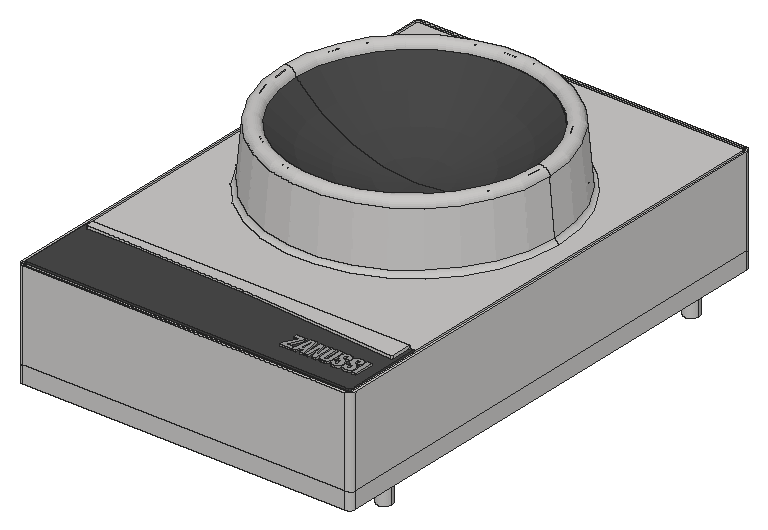
Revit family "QF_ZANUSSI_600897_Z1HCDEOMCT", category Specialty Equipment, Revit 2018
Family settings
  Round Connector Dimension = Use Diameter
  Part Type = Normal
  Work Plane-Based = No
  Always vertical = Yes
  Cut with Voids When Loaded = No
  Shared = No
  Room Calculation Point = No
Parameters (values of type "Standard")
  Watts = 0 W
  Volts = 380 V
  URL = "http://www.zanussiprofessional.com"
  Steam Supply Size = 0 mm
  Steam Supply Minimum Pressure = 0.0 Pa
  Steam Supply Maximum Pressure = 0.0 Pa
  Steam Pounds per Hour = 0
  Show Logo [instance] = yes
  Manufacturer = "Zanussi"
  Phase = 3
  Model = "Z1HCDEOMCT"
  Item Number = "600897"
  Hot Water Size = 0 mm
  HP = "6.7 HP"
  Gas Size = 0 mm
  Gas KW = 0
  Direct Waste Size = 0 mm
  Description = "PLUG-IN INDUCTION WOK - 3-PHASE"
  Cycle = 60 Hz
  Condensate Return Size = 0 mm
  Compressed Air Volume = 0.0 L/s
  Compressed Air Size = 0 mm
  Compressed Air Pressure = 0.0 Pa
  Cold Water Size = 0 mm
Types (2, lengths in mm): name | URL | Manufacturer | Phase | Model | Description
  (no name) | 0 | 0 | 0 | 0 | 0
  Standard | "http://www.zanussiprofessional.com" | "Zanussi" | 3 | "Z1HCDEOMCT" | "PLUG-IN INDUCTION WOK - 3-PHASE"
Values of the unnamed type that differ from the named types
  Volts = 0 V
  Item Number = ""
  Cycle = 0 Hz
Reference planes
  plane 1 "Centro (Fronte/Retro)": y = 74.737
  plane 2: z = 0
  plane 3: x = -514.269
  plane 4 "LEFT": x = -714.269
  plane 5 "RIGHT": x = -314.269
  plane 6 "BACK": y = 374.737
  plane 7 "FRONT": y = -225.263
  plane 8: x = -712.269
  plane 9: y = 372.737
  plane 10: x = -316.269
  plane 11: y = -223.263
  plane 12: y = -124.263
  plane 13: x = -698.269
  plane 14: x = -330.269
  plane 15: y = 304.737
  plane 16: y = -155.263
  plane 17: x = -539.269
  plane 18: y = -149.263
  plane 19 "wok": y = 120.237
  plane 20: z = 764
Forms (mm)
  Extrusion 1, solid, material "QF_Finishes_Stainless Steel"
    sketch origin (0, 0, 789.018) x (1, 0, 0) y (0, 1, 0)
      loop
        arc (-707.269, 374.737) -> (-712.218, 372.687) -> (-714.269, 367.737) r 7
        line (-714.269, 367.737) -> (-714.269, -218.263)
        arc (-714.269, -218.263) -> (-712.218, -223.213) -> (-707.269, -225.263) r 7
        line (-707.269, -225.263) -> (-321.269, -225.263)
        arc (-321.269, -225.263) -> (-316.319, -223.213) -> (-314.269, -218.263) r 7
        line (-314.269, -218.263) -> (-314.269, 367.737)
        arc (-314.269, 367.737) -> (-316.319, 372.687) -> (-321.269, 374.737) r 7
        line (-321.269, 374.737) -> (-707.269, 374.737)
    from 0 to 20
  Extrusion 2, solid, material "QF_Finishes_Stainless Steel"
    sketch origin (0, 0, 789.018) x (1, 0, 0) y (0, 1, 0)
      loop
        line (-321.269, 374.737) -> (-707.269, 374.737)
        arc (-707.269, 374.737) -> (-712.218, 372.687) -> (-714.269, 367.737) r 7
        line (-714.269, 367.737) -> (-714.269, -218.263)
        arc (-714.269, -218.263) -> (-712.218, -223.213) -> (-707.269, -225.263) r 7
        line (-707.269, -225.263) -> (-321.269, -225.263)
        arc (-321.269, -225.263) -> (-316.319, -223.213) -> (-314.269, -218.263) r 7
        line (-314.269, -218.263) -> (-314.269, 367.737)
        arc (-314.269, 367.737) -> (-316.319, 372.687) -> (-321.269, 374.737) r 7
      loop
        arc (-707.269, 372.737) -> (-710.804, 371.273) -> (-712.269, 367.737) r 5
        line (-712.269, 367.737) -> (-712.269, -218.263)
        arc (-712.269, -218.263) -> (-710.804, -221.798) -> (-707.269, -223.263) r 5
        line (-707.269, -223.263) -> (-321.269, -223.263)
        arc (-321.269, -223.263) -> (-317.733, -221.798) -> (-316.269, -218.263) r 5
        line (-316.269, -218.263) -> (-316.269, 367.737)
        arc (-316.269, 367.737) -> (-317.733, 371.273) -> (-321.269, 372.737) r 5
        line (-321.269, 372.737) -> (-707.269, 372.737)
    from 20 to 126
  Extrusion 3, solid, material "QF_Finishes_Black"
    sketch origin (0, 0, 915.018) x (-1, 0, 0) y (0, -1, 0)
      loop
        line (709.269, 124.263) -> (709.269, 218.263)
        arc (709.269, 218.263) -> (708.683, 219.677) -> (707.269, 220.263) r 2
        line (707.269, 220.263) -> (321.269, 220.263)
        arc (321.269, 220.263) -> (319.854, 219.677) -> (319.269, 218.263) r 2
        line (319.269, 218.263) -> (319.269, 124.263) -> (709.269, 124.263)
    from 0 to 2
  Extrusion 4, solid, material "QF_Finishes_Stainless Steel"
    sketch origin (0, 0, 141.018) x (-1, 0, 0) y (0, -1, 0)
      loop
        circle (698.269, -304.737) r 9
      loop
        circle (330.269, -304.737) r 9
      loop
        circle (698.269, 155.263) r 9
      loop
        circle (330.269, 155.263) r 9
    from 622.982 to 648
  Extrusion 5, solid, material "QF_Finishes_Stainless Steel"
    sketch origin (0, 0, 141.018) x (-1, 0, 0) y (0, -1, 0)
      loop
        circle (539.269, 149.263) r 10
    from 638.028 to 648
  Extrusion 6, solid, material "QF_Finishes_Stainless Steel"
    sketch origin (0, 96, 913.018) x (-1, 0, 0) y (0, -1, 0)
      loop
        arc (707.269, -273.737) -> (708.683, -273.151) -> (709.269, -271.737) r 2
        line (709.269, -271.737) -> (709.269, 220.263) -> (319.269, 220.263) -> (319.269, -271.737)
        arc (319.269, -271.737) -> (319.854, -273.151) -> (321.269, -273.737) r 2
        line (321.269, -273.737) -> (707.269, -273.737)
    from 0 to 2
  Revolve 7, solid, material "QF_Finishes_Stainless Steel"
    sketch origin (0, 120.237, 15.018) x (-1, 0, 0) y (0, 0, 1)
      loop
        arc (349.07, 900) -> (350.454, 902.553) -> (351.23, 905.352) r 12.856
        line (351.23, 905.352) -> (357.255, 968.615)
        arc (357.255, 968.615) -> (361.677, 972.996) -> (366.45, 969) r 4.622
        line (366.45, 969) -> (371.472, 969)
        arc (371.472, 969) -> (361.87, 978) -> (352.269, 969) r 9.622
        line (352.269, 969) -> (346.269, 906)
        arc (346.269, 906) -> (344.567, 902.335) -> (341.269, 900) r 7.856
        line (341.269, 900) -> (349.07, 900)
      axis (514.269, 900) -> (514.269, 969)
    angle from 0 to 360
  Revolve 8, solid, material "QF_Finishes_Black"
    sketch origin (0, 120.237, 15.018) x (-1, 0, 0) y (0, 0, 1)
      loop
        line (371.472, 969) -> (366.45, 969)
        arc (366.45, 969) -> (432.848, 918.929) -> (514.269, 902) r 190.056
        line (514.269, 902) -> (514.269, 906)
        arc (514.269, 906) -> (436.232, 922.453) -> (371.472, 969) r 193.372
      axis (514.269, 969) -> (514.269, 902)
    angle from 0 to 360
  Extrusion 9, solid, material "QF_Finishes_Stainless Steel"
    sketch origin (0, 0, 915.018) x (-1, 0, 0) y (0, -1, 0)
      loop
        arc (702.769, 124.263) -> (703.829, 124.702) -> (704.269, 125.763) r 1.5
        line (704.269, 125.763) -> (704.269, 132.763)
        arc (704.269, 132.763) -> (703.829, 133.824) -> (702.769, 134.263) r 1.5
        line (702.769, 134.263) -> (651.769, 134.263)
        arc (651.769, 134.263) -> (582.973, 135.513) -> (514.269, 139.263) r 1893.125
        arc (514.269, 139.263) -> (420.209, 148.26) -> (325.769, 151.263) r 1486.51
        arc (325.769, 151.263) -> (324.708, 150.824) -> (324.269, 149.763) r 1.5
        line (324.269, 149.763) -> (324.269, 125.763)
        arc (324.269, 125.763) -> (324.708, 124.702) -> (325.769, 124.263) r 1.5
        line (325.769, 124.263) -> (702.769, 124.263)
    from 2 to 5
Lines and regions (mm)
  symbolic lines
    curve 1: line (-321.269, 374.737, 126) -> (-707.269, 374.737, 126)
    curve 2: arc (-707.269, 374.737, 126) -> (-712.218, 372.687, 126) -> (-714.269, 367.737, 126) r 7
    curve 3: line (-714.269, 367.737, 126) -> (-714.269, -218.263, 126)
    curve 4: arc (-714.269, -218.263, 126) -> (-712.218, -223.213, 126) -> (-707.269, -225.263, 126) r 7
    curve 5: line (-707.269, -225.263, 126) -> (-321.269, -225.263, 126)
    curve 6: arc (-321.269, -225.263, 126) -> (-316.319, -223.213, 126) -> (-314.269, -218.263, 126) r 7
    curve 7: line (-314.269, -218.263, 126) -> (-314.269, 367.737, 126)
    curve 8: arc (-314.269, 367.737, 126) -> (-316.319, 372.687, 126) -> (-321.269, 374.737, 126) r 7
    curve 9: line (-707.269, 372.737, 126) -> (-321.269, 372.737, 126)
    curve 10: arc (-321.269, 372.737, 126) -> (-317.733, 371.273, 126) -> (-316.269, 367.737, 126) r 5
    curve 11: line (-316.269, 367.737, 126) -> (-316.269, -218.263, 126)
    curve 12: arc (-316.269, -218.263, 126) -> (-317.733, -221.798, 126) -> (-321.269, -223.263, 126) r 5
    curve 13: line (-321.269, -223.263, 126) -> (-707.269, -223.263, 126)
    curve 14: arc (-707.269, -223.263, 126) -> (-710.804, -221.798, 126) -> (-712.269, -218.263, 126) r 5
    curve 15: line (-712.269, -218.263, 126) -> (-712.269, 367.737, 126)
    curve 16: arc (-712.269, 367.737, 126) -> (-710.804, 371.273, 126) -> (-707.269, 372.737, 126) r 5
    curve 17: line (-319.269, -124.263, 126) -> (-709.269, -124.263, 126)
    curve 18: line (-319.269, -218.263, 126) -> (-319.269, 367.737, 126)
    curve 19: arc (-319.269, 367.737, 126) -> (-319.854, 369.151, 126) -> (-321.269, 369.737, 126) r 2
    curve 20: line (-321.269, 369.737, 126) -> (-707.269, 369.737, 126)
    curve 21: arc (-707.269, 369.737, 126) -> (-708.683, 369.151, 126) -> (-709.269, 367.737, 126) r 2
    curve 22: line (-709.269, 367.737, 126) -> (-709.269, -218.263, 126)
    curve 23: arc (-709.269, -218.263, 126) -> (-708.683, -219.677, 126) -> (-707.269, -220.263, 126) r 2
    curve 24: line (-707.269, -220.263, 126) -> (-321.269, -220.263, 126)
    curve 25: arc (-321.269, -220.263, 126) -> (-319.854, -219.677, 126) -> (-319.269, -218.263, 126) r 2
    curve 26: arc (-687.269, 120.237, 126) -> (-514.269, 293.237, 126) -> (-341.269, 120.237, 126) r 173
    curve 27: arc (-341.269, 120.237, 126) -> (-514.269, -52.763, 126) -> (-687.269, 120.237, 126) r 173
    curve 28: arc (-682.269, 120.237, 126) -> (-514.269, -47.763, 126) -> (-346.269, 120.237, 126) r 168
    curve 29: arc (-346.269, 120.237, 126) -> (-514.269, 288.237, 126) -> (-682.269, 120.237, 126) r 168
    curve 30: arc (-676.269, 120.237, 126) -> (-514.269, -41.763, 126) -> (-352.269, 120.237, 126) r 162
    curve 31: arc (-371.472, 120.237, 126) -> (-514.269, 263.034, 126) -> (-657.065, 120.237, 126) r 142.797
    curve 32: arc (-657.065, 120.237, 126) -> (-514.269, -22.56, 126) -> (-371.472, 120.237, 126) r 142.797
    curve 33: arc (-352.269, 120.237, 126) -> (-514.269, 282.237, 126) -> (-676.269, 120.237, 126) r 162
    curve 34: arc (-702.769, -124.263, 126) -> (-703.829, -124.702, 126) -> (-704.269, -125.763, 126) r 1.5
    curve 35: line (-704.269, -125.763, 126) -> (-704.269, -132.763, 126)
    curve 36: arc (-704.269, -132.763, 126) -> (-703.829, -133.824, 126) -> (-702.769, -134.263, 126) r 1.5
    curve 37: line (-702.769, -134.263, 126) -> (-651.769, -134.263, 126)
    curve 38: arc (-324.269, -125.763, 126) -> (-324.708, -124.702, 126) -> (-325.769, -124.263, 126) r 1.5
    curve 39: line (-324.269, -149.763, 126) -> (-324.269, -125.763, 126)
    curve 40: arc (-325.769, -151.263, 126) -> (-324.708, -150.824, 126) -> (-324.269, -149.763, 126) r 1.5
    curve 41: arc (-651.769, -134.263, 126) -> (-582.973, -135.513, 126) -> (-514.269, -139.263, 126) r 1893.125
    curve 42: arc (-514.269, -139.263, 126) -> (-420.209, -148.26, 126) -> (-325.769, -151.263, 126) r 1486.51
    curve 43: line (-415.208, -176.613, 126) -> (-422.226, -191.352, 126)
    curve 44: line (-422.226, -191.352, 126) -> (-422.226, -196.265, 126)
    curve 45: line (-422.226, -196.265, 126) -> (-409.452, -196.265, 126)
    curve 46: line (-409.452, -196.265, 126) -> (-409.452, -191.352, 126)
    curve 47: line (-409.452, -191.352, 126) -> (-416.821, -191.352, 126)
    curve 48: line (-416.821, -191.352, 126) -> (-409.452, -176.332, 126)
    curve 49: line (-409.452, -176.332, 126) -> (-409.452, -172.261, 126)
    curve 50: line (-409.452, -172.261, 126) -> (-421.665, -172.261, 126)
    curve 51: line (-421.665, -172.261, 126) -> (-421.665, -176.753, 126)
    curve 52: line (-421.665, -176.753, 126) -> (-415.208, -176.613, 126)
    curve 53: line (-404.82, -172.261, 126) -> (-409.172, -196.265, 126)
    curve 54: line (-409.172, -196.265, 126) -> (-404.118, -196.265, 126)
    curve 55: line (-404.118, -196.265, 126) -> (-403.416, -191.633, 126)
    curve 56: line (-403.416, -191.633, 126) -> (-399.346, -191.633, 126)
    curve 57: line (-399.346, -191.633, 126) -> (-398.644, -196.265, 126)
    curve 58: line (-398.644, -196.265, 126) -> (-393.59, -196.265, 126)
    curve 59: line (-393.59, -196.265, 126) -> (-398.082, -172.261, 126)
    curve 60: line (-398.082, -172.261, 126) -> (-404.82, -172.261, 126)
    curve 61: line (-401.451, -176.364, 126) -> (-400.047, -187.281, 126)
    curve 62: line (-400.047, -187.281, 126) -> (-402.855, -187.281, 126)
    curve 63: line (-402.855, -187.281, 126) -> (-401.451, -176.364, 126)
    curve 64: line (-393.309, -172.261, 126) -> (-393.309, -196.265, 126)
    curve 65: line (-393.309, -196.265, 126) -> (-388.958, -196.265, 126)
    curve 66: line (-388.958, -196.265, 126) -> (-388.958, -180.403, 126)
    curve 67: line (-388.958, -180.403, 126) -> (-384.887, -196.265, 126)
    curve 68: line (-384.887, -196.265, 126) -> (-379.553, -196.265, 126)
    curve 69: line (-379.553, -196.265, 126) -> (-379.553, -172.261, 126)
    curve 70: line (-379.553, -172.261, 126) -> (-384.045, -172.261, 126)
    curve 71: line (-384.045, -172.261, 126) -> (-384.045, -187.562, 126)
    curve 72: line (-384.045, -187.562, 126) -> (-388.116, -172.261, 126)
    curve 73: line (-388.116, -172.261, 126) -> (-393.309, -172.261, 126)
    curve 74: line (-378.43, -172.261, 126) -> (-378.43, -188.404, 126)
    curve 75: line (-378.43, -188.404, 126) -> (-378.149, -192.334, 126)
    curve 76: line (-378.149, -192.334, 126) -> (-377.728, -193.317, 126)
    curve 77: line (-377.728, -193.317, 126) -> (-376.745, -194.58, 126)
    curve 78: line (-376.745, -194.58, 126) -> (-375.763, -195.282, 126)
    curve 79: line (-375.763, -195.282, 126) -> (-373.797, -196.124, 126)
    curve 80: line (-373.797, -196.124, 126) -> (-372.815, -196.265, 126)
    curve 81: line (-372.815, -196.265, 126) -> (-370.569, -196.265, 126)
    curve 82: line (-370.569, -196.265, 126) -> (-369.446, -195.984, 126)
    curve 83: line (-369.446, -195.984, 126) -> (-367.761, -195.001, 126)
    curve 84: line (-367.761, -195.001, 126) -> (-365.796, -192.194, 126)
    curve 85: line (-365.796, -192.194, 126) -> (-365.656, -191.211, 126)
    curve 86: line (-365.656, -191.211, 126) -> (-365.656, -172.261, 126)
    curve 87: line (-365.656, -172.261, 126) -> (-370.569, -172.261, 126)
    curve 88: line (-370.569, -172.261, 126) -> (-370.569, -190.088, 126)
    curve 89: line (-370.569, -190.088, 126) -> (-371.13, -191.352, 126)
    curve 90: line (-371.13, -191.352, 126) -> (-372.675, -191.492, 126)
    curve 91: line (-372.675, -191.492, 126) -> (-373.517, -190.509, 126)
    curve 92: line (-373.517, -190.509, 126) -> (-373.517, -172.261, 126)
    curve 93: line (-373.517, -172.261, 126) -> (-378.43, -172.261, 126)
    curve 94: line (-353.163, -184.895, 126) -> (-358.778, -179.841, 126)
    curve 95: line (-358.778, -179.841, 126) -> (-359.479, -178.999, 126)
    curve 96: line (-359.479, -178.999, 126) -> (-359.76, -176.753, 126)
    curve 97: line (-359.76, -176.753, 126) -> (-358.076, -175.911, 126)
    curve 98: line (-358.076, -175.911, 126) -> (-356.672, -176.893, 126)
    curve 99: line (-356.672, -176.893, 126) -> (-356.532, -179.841, 126)
    curve 100: line (-356.532, -179.841, 126) -> (-351.899, -179.841, 126)
    curve 101: line (-351.899, -179.841, 126) -> (-352.18, -175.068, 126)
    curve 102: line (-352.18, -175.068, 126) -> (-355.128, -172.401, 126)
    curve 103: line (-355.128, -172.401, 126) -> (-363.269, -173.805, 126)
    curve 104: line (-363.269, -173.805, 126) -> (-364.252, -180.824, 126)
    curve 105: line (-364.252, -180.824, 126) -> (-362.006, -184.052, 126)
    curve 106: line (-362.006, -184.052, 126) -> (-359.62, -186.158, 126)
    curve 107: line (-359.62, -186.158, 126) -> (-356.672, -189.106, 126)
    curve 108: line (-356.672, -189.106, 126) -> (-357.233, -191.773, 126)
    curve 109: line (-357.233, -191.773, 126) -> (-359.058, -191.913, 126)
    curve 110: line (-359.058, -191.913, 126) -> (-360.041, -187.842, 126)
    curve 111: line (-360.041, -187.842, 126) -> (-364.954, -187.842, 126)
    curve 112: line (-364.954, -187.842, 126) -> (-363.55, -194.44, 126)
    curve 113: line (-363.55, -194.44, 126) -> (-357.374, -196.265, 126)
    curve 114: line (-357.374, -196.265, 126) -> (-351.759, -192.334, 126)
    curve 115: line (-351.759, -192.334, 126) -> (-353.163, -184.895, 126)
    curve 116: line (-339.266, -184.754, 126) -> (-345.161, -179.42, 126)
    curve 117: line (-345.161, -179.42, 126) -> (-345.863, -177.595, 126)
    curve 118: line (-345.863, -177.595, 126) -> (-345.302, -176.191, 126)
    curve 119: line (-345.302, -176.191, 126) -> (-344.038, -175.911, 126)
    curve 120: line (-344.038, -175.911, 126) -> (-342.635, -176.893, 126)
    curve 121: line (-342.635, -176.893, 126) -> (-342.494, -179.701, 126)
    curve 122: line (-342.494, -179.701, 126) -> (-337.722, -179.841, 126)
    curve 123: line (-337.722, -179.841, 126) -> (-338.283, -174.928, 126)
    curve 124: line (-338.283, -174.928, 126) -> (-345.723, -171.98, 126)
    curve 125: line (-345.723, -171.98, 126) -> (-350.215, -175.63, 126)
    curve 126: line (-350.215, -175.63, 126) -> (-348.951, -182.929, 126)
    curve 127: line (-348.951, -182.929, 126) -> (-343.758, -187.562, 126)
    curve 128: line (-343.758, -187.562, 126) -> (-342.635, -189.246, 126)
    curve 129: line (-342.635, -189.246, 126) -> (-343.056, -191.773, 126)
    curve 130: line (-343.056, -191.773, 126) -> (-344.46, -192.054, 126)
    curve 131: line (-344.46, -192.054, 126) -> (-346.003, -187.702, 126)
    curve 132: line (-346.003, -187.702, 126) -> (-350.917, -187.842, 126)
    curve 133: line (-350.917, -187.842, 126) -> (-349.092, -194.721, 126)
    curve 134: line (-349.092, -194.721, 126) -> (-341.091, -195.703, 126)
    curve 135: line (-341.091, -195.703, 126) -> (-338.002, -192.896, 126)
    curve 136: line (-338.002, -192.896, 126) -> (-339.266, -184.754, 126)
    curve 137: line (-331.966, -172.261, 126) -> (-336.879, -172.261, 126)
    curve 138: line (-336.879, -172.261, 126) -> (-336.879, -196.265, 126)
    curve 139: line (-336.879, -196.265, 126) -> (-331.966, -196.265, 126)
    curve 140: line (-331.966, -196.265, 126) -> (-331.966, -172.261, 126)
Dimensions and locks
  equal spacing: plane 4 "LEFT", plane 3, plane 5 "RIGHT"
  plane 4 "LEFT" to plane 5 "RIGHT" = 400 mm
  equal spacing: plane 6 "BACK", plane 1 "Centro (Fronte/Retro)", plane 7 "FRONT"
  plane 6 "BACK" to plane 7 "FRONT" = 600 mm
  locked: plane 4 "LEFT" to plane 13 at 16
  locked: plane 14 to plane 5 "RIGHT" at 16
  locked: plane 6 "BACK" to plane 15 at 70
  locked: plane 16 to plane 7 "FRONT" at 70
  locked: plane 17 to plane 5 "RIGHT" at 225
  locked: plane 18 to plane 7 "FRONT" at 76
  plane 20 to level = 764 mm
  aligned and locked: level to plane 2
Automatic sketch dimensions
  curve 2 to curve 16 = 0 mm  (x2)
  curve 2 to curve 21 = 0 mm  (x2)
  curve 4 to curve 14 = 0 mm  (x2)
  curve 4 to curve 23 = 0 mm  (x2)
  curve 6 to curve 12 = 0 mm  (x2)
  curve 6 to curve 25 = 0 mm  (x2)
  curve 8 to curve 10 = 0 mm  (x2)
  curve 8 to curve 19 = 0 mm  (x2)
  curve 10 to curve 19 = 0 mm  (x2)
  curve 12 to curve 25 = 0 mm  (x2)
  curve 14 to curve 23 = 0 mm  (x2)
  curve 16 to curve 21 = 0 mm  (x2)
  curve 26 to curve 27 = 0 mm  (x2)
  curve 26 to curve 28 = 0 mm  (x2)
  curve 26 to curve 29 = 0 mm  (x2)
  curve 26 to curve 30 = 0 mm  (x2)
  curve 26 to curve 31 = 0 mm  (x2)
  curve 26 to curve 32 = 0 mm  (x2)
  curve 26 to curve 33 = 0 mm  (x2)
  curve 27 to curve 28 = 0 mm  (x2)
  curve 27 to curve 29 = 0 mm  (x2)
  curve 27 to curve 30 = 0 mm  (x2)
  curve 27 to curve 31 = 0 mm  (x2)
  curve 27 to curve 32 = 0 mm  (x2)
  curve 27 to curve 33 = 0 mm  (x2)
  curve 28 to curve 29 = 0 mm  (x2)
  curve 28 to curve 30 = 0 mm  (x2)
  curve 28 to curve 31 = 0 mm  (x2)
  curve 28 to curve 32 = 0 mm  (x2)
  curve 28 to curve 33 = 0 mm  (x2)
  curve 29 to curve 30 = 0 mm  (x2)
  curve 29 to curve 31 = 0 mm  (x2)
  curve 29 to curve 32 = 0 mm  (x2)
  curve 29 to curve 33 = 0 mm  (x2)
  curve 30 to curve 31 = 0 mm  (x2)
  curve 30 to curve 32 = 0 mm  (x2)
  curve 30 to curve 33 = 0 mm  (x2)
  curve 31 to curve 32 = 0 mm  (x2)
  curve 31 to curve 33 = 0 mm  (x2)
  curve 32 to curve 33 = 0 mm  (x2)
  curve 7 to plane 5 "RIGHT" = 0 mm
  curve 10 to plane 10 = 0 mm
  curve 17 to plane 12 = 0 mm
  curve 6 to plane 7 "FRONT" = 0 mm
  curve 8 to plane 6 "BACK" = 0 mm
  curve 27 to plane 19 "wok" = 0 mm
  curve 26 to plane 3 = 0 mm
  curve 42 to plane 3 = 0 mm
  curve 15 to plane 8 = 0 mm
  curve 18 to plane 10 = 3 mm
  curve 25 to curve 24 = 2 mm
  curve 19 to curve 20 = 2 mm
  curve 39 to plane 12 = 1.5 mm
  curve 17 to curve 39 = 5 mm
  curve 40 to plane 18 = 0.5 mm
  curve 40 to curve 40 = 1.5 mm
  curve 139 to plane 14 = 1.698 mm
  curve 139 to curve 139 = 4.913 mm
  curve 122 to plane 14 = 7.453 mm
  curve 138 to curve 136 = 1.123 mm
  curve 137 to curve 123 = 1.404 mm
  curve 122 to curve 136 = 1.544 mm
  curve 135 to curve 134 = 3.088 mm
  curve 122 to curve 121 = 4.773 mm
  curve 116 to curve 129 = 3.369 mm
  curve 121 to curve 121 = 0.141 mm
  curve 128 to curve 130 = 0.421 mm
  curve 128 to curve 128 = 1.123 mm
  curve 120 to curve 120 = 1.404 mm
  curve 129 to curve 131 = 1.404 mm
  curve 121 to curve 116 = 2.667 mm
  curve 119 to curve 119 = 1.263 mm
  curve 118 to curve 124 = 0.421 mm
  curve 118 to curve 117 = 0.562 mm
  curve 127 to curve 131 = 2.246 mm
  curve 116 to curve 127 = 3.79 mm
  curve 130 to curve 134 = 4.632 mm
  curve 117 to curve 125 = 4.352 mm
  curve 131 to curve 132 = 4.913 mm
  curve 133 to curve 114 = 2.667 mm
  curve 126 to curve 100 = 2.948 mm
  curve 125 to curve 102 = 1.965 mm
  curve 132 to curve 115 = 2.246 mm
  curve 101 to curve 103 = 2.948 mm
  curve 100 to curve 100 = 4.632 mm
  curve 99 to curve 99 = 0.14 mm
  curve 94 to curve 107 = 3.509 mm
  curve 107 to curve 108 = 0.562 mm
  curve 108 to curve 114 = 0.14 mm
  curve 98 to curve 98 = 1.404 mm
  curve 99 to curve 94 = 2.246 mm
  curve 108 to curve 110 = 1.825 mm
  curve 94 to curve 96 = 0.702 mm
  curve 107 to curve 106 = 2.948 mm
  curve 97 to curve 97 = 1.684 mm
  curve 106 to curve 110 = 0.421 mm
  curve 106 to curve 106 = 2.386 mm
  curve 96 to curve 104 = 3.509 mm
  curve 109 to curve 112 = 4.492 mm
  curve 105 to curve 105 = 2.246 mm
  curve 105 to curve 112 = 2.948 mm
  curve 103 to curve 87 = 2.386 mm
  curve 85 to curve 85 = 0.14 mm
  curve 84 to curve 84 = 1.965 mm
  curve 83 to curve 83 = 1.685 mm
  curve 85 to curve 88 = 4.913 mm
  curve 82 to curve 82 = 1.123 mm
  curve 88 to curve 89 = 0.561 mm
  curve 89 to curve 91 = 1.544 mm
  curve 81 to curve 81 = 2.246 mm
  curve 90 to curve 91 = 0.842 mm
  curve 80 to curve 80 = 0.982 mm
  curve 79 to curve 79 = 1.965 mm
  curve 78 to curve 78 = 0.983 mm
  curve 77 to curve 76 = 0.983 mm
  curve 76 to curve 76 = 0.421 mm
  curve 75 to curve 75 = 0.281 mm
  curve 77 to curve 69 = 2.808 mm
  curve 74 to curve 71 = 5.615 mm
  plane 11 to curve 67 = 26.998 mm
  curve 68 to curve 67 = 5.334 mm
  curve 72 to plane 16 = 16.998 mm
  curve 70 to curve 72 = 4.071 mm
  curve 67 to curve 66 = 4.071 mm
  curve 72 to curve 73 = 5.194 mm
  plane 11 to curve 59 = 26.998 mm
  curve 64 to curve 59 = 0.281 mm
  curve 59 to plane 16 = 16.998 mm
  curve 64 to curve 59 = 4.773 mm
  curve 58 to curve 58 = 5.053 mm
  plane 11 to curve 57 = 31.63 mm
  curve 57 to curve 57 = 0.702 mm
  curve 61 to plane 16 = 32.018 mm
  curve 56 to curve 61 = 0.702 mm
  curve 63 to plane 16 = 21.101 mm
  curve 59 to curve 63 = 3.369 mm
  curve 61 to curve 62 = 2.807 mm
  curve 56 to curve 55 = 4.071 mm
  plane 11 to curve 55 = 26.998 mm
  curve 55 to curve 55 = 0.702 mm
  curve 61 to curve 60 = 3.369 mm
  curve 54 to curve 54 = 5.054 mm
  curve 53 to curve 47 = 0.281 mm
  curve 53 to curve 49 = 4.632 mm
  curve 43 to plane 16 = 21.35 mm
  curve 48 to curve 43 = 5.755 mm
  curve 46 to curve 47 = 7.368 mm
  curve 43 to curve 50 = 6.457 mm
  curve 47 to curve 44 = 5.406 mm
  plane 13 to curve 41 = 46.5 mm
  curve 36 to plane 13 = 4.5 mm
  curve 34 to plane 12 = 1.5 mm
  curve 34 to plane 13 = 4.5 mm
  plane 8 to curve 13 = 5 mm
  curve 2 to curve 22 = 2 mm
  plane 6 "BACK" to curve 42 = 960.51 mm
  curve 34 to curve 36 = 7 mm
  curve 125 to plane 16 = 16.717 mm
  curve 124 to curve 140 = 0.281 mm
  curve 72 to curve 69 = 0 mm
  curve 69 to curve 74 = 0 mm
  curve 92 to curve 86 = 0 mm
  curve 51 to curve 43 = 4.352 mm
  curve 124 to curve 102 = 0.421 mm
  curve 86 to curve 103 = 1.544 mm
  curve 137 to curve 123 = 2.667 mm
  curve 102 to curve 102 = 2.667 mm
  curve 101 to curve 126 = 0.561 mm
  curve 124 to curve 120 = 3.93 mm
  curve 102 to curve 97 = 3.509 mm
  curve 119 to curve 118 = 0.281 mm
  curve 49 to curve 48 = 4.071 mm
  curve 50 to curve 51 = 4.492 mm
  curve 97 to curve 96 = 0.842 mm
  curve 119 to curve 121 = 0.983 mm
  curve 97 to curve 99 = 0.983 mm
  curve 118 to curve 118 = 1.404 mm
  curve 96 to curve 95 = 2.246 mm
  curve 117 to curve 117 = 1.825 mm
  curve 116 to curve 121 = 0.281 mm
  curve 98 to curve 99 = 2.948 mm
  curve 121 to curve 122 = 0.14 mm
  curve 95 to curve 94 = 0.842 mm
  curve 72 to curve 66 = 8.142 mm
  curve 95 to curve 105 = 1.825 mm
  curve 100 to curve 127 = 3.088 mm
  curve 104 to curve 106 = 3.228 mm
  curve 122 to curve 116 = 4.913 mm
  curve 126 to curve 94 = 1.965 mm
  curve 105 to curve 106 = 2.106 mm
  curve 116 to curve 127 = 2.807 mm
  curve 66 to curve 71 = 7.159 mm
  curve 127 to curve 131 = 0.14 mm
  curve 105 to curve 112 = 3.79 mm
  curve 94 to curve 133 = 2.948 mm
  curve 71 to curve 75 = 0.842 mm
  curve 110 to curve 107 = 1.264 mm
  curve 127 to curve 128 = 1.685 mm
  curve 111 to curve 88 = 2.246 mm
  curve 88 to curve 92 = 0.421 mm
  curve 111 to curve 86 = 3.369 mm
  curve 47 to curve 53 = 4.913 mm
  curve 88 to curve 90 = 1.263 mm
  curve 43 to curve 47 = 0 mm
  curve 91 to curve 91 = 0.983 mm
  curve 128 to curve 130 = 2.527 mm
  curve 107 to curve 109 = 2.667 mm
  curve 108 to curve 110 = 0.14 mm
  curve 129 to curve 130 = 0.281 mm
  curve 85 to curve 85 = 0.982 mm
  curve 74 to curve 75 = 3.93 mm
  curve 132 to curve 114 = 4.492 mm
  curve 129 to curve 135 = 1.123 mm
  curve 75 to curve 76 = 0.983 mm
  curve 84 to curve 112 = 2.246 mm
  curve 76 to curve 77 = 1.263 mm
  curve 114 to curve 133 = 2.386 mm
  curve 84 to curve 84 = 2.808 mm
  curve 77 to curve 79 = 0.702 mm
  curve 135 to curve 135 = 2.807 mm
  curve 83 to curve 83 = 0.983 mm
  curve 78 to curve 80 = 0.842 mm
  curve 108 to curve 113 = 4.492 mm
  curve 66 to curve 67 = 0 mm
  curve 79 to curve 80 = 0.14 mm
  curve 135 to curve 138 = 3.369 mm
  curve 46 to curve 53 = 0 mm
  curve 41 to plane 7 "FRONT" = 1802.125 mm
  curve 27 to plane 14 = 11 mm
  curve 26 to curve 29 = 5 mm
  curve 28 to curve 33 = 6 mm
  curve 30 to curve 32 = 19.203 mm
  Extrusion 1 sketch curve to plane 4 "LEFT" = 0 mm
  Extrusion 1 sketch curve to plane 7 "FRONT" = 0 mm
  Extrusion 1 sketch curve to plane 6 "BACK" = 0 mm
  Extrusion 1 sketch curve to plane 5 "RIGHT" = 0 mm
  plane 8 to Extrusion 1 sketch curve = 5 mm  (x2)
  Extrusion 1 sketch curve to plane 10 = 5 mm  (x2)
  Extrusion 2 sketch curve to Extrusion 2 sketch curve = 0 mm  (x8)
  Extrusion 2 sketch curve to plane 4 "LEFT" = 0 mm
  Extrusion 2 sketch curve to plane 8 = 0 mm
  Extrusion 2 sketch curve to plane 6 "BACK" = 0 mm
  Extrusion 2 sketch curve to plane 7 "FRONT" = 0 mm
  Extrusion 2 sketch curve to plane 10 = 0 mm
  Extrusion 2 sketch curve to Extrusion 2 sketch curve = 5 mm  (x2)
  Extrusion 2 sketch curve to plane 10 = 5 mm  (x2)
  Extrusion 3 sketch curve to plane 12 = 0 mm
  Extrusion 3 sketch curve to plane 10 = 3 mm
  Extrusion 3 sketch curve to Extrusion 3 sketch curve = 2 mm  (x2)
  plane 8 to Extrusion 3 sketch curve = 5 mm
  plane 11 to Extrusion 3 sketch curve = 5 mm
  Extrusion 4 sketch curve to plane 14 = 0 mm  (x2)
  Extrusion 4 sketch curve to plane 13 = 0 mm  (x2)
  Extrusion 4 sketch curve to plane 15 = 0 mm  (x2)
  Extrusion 4 sketch curve to plane 16 = 0 mm  (x2)
  Extrusion 5 sketch curve to plane 17 = 0 mm
  Extrusion 5 sketch curve to plane 18 = 0 mm
  Extrusion 6 sketch curve to plane 12 = 0 mm
  Extrusion 6 sketch curve to plane 10 = 3 mm
  Extrusion 6 sketch curve to Extrusion 6 sketch curve = 2 mm  (x2)
  plane 8 to Extrusion 6 sketch curve = 5 mm
  Extrusion 6 sketch curve to plane 9 = 5 mm
  Revolve 7 sketch curve to Revolve 7 sketch curve = 0 mm  (x4)
  Revolve 7 sketch curve to plane 3 = 0 mm
  Revolve 7 sketch curve to plane 14 = 41.203 mm
  Revolve 7 sketch curve to Revolve 7 sketch curve = 5.022 mm
  Revolve 7 sketch curve to Revolve 7 sketch curve = 4.58 mm
  Revolve 7 sketch curve to Revolve 7 sketch curve = 4.616 mm
  Revolve 7 sketch curve to Revolve 7 sketch curve = 4.986 mm
  Revolve 7 sketch curve to plane 14 = 20.961 mm
  Revolve 7 sketch curve to Revolve 7 sketch curve = 2.16 mm
  Revolve 7 sketch curve to Revolve 7 sketch curve = 4.961 mm
  Revolve 7 sketch curve to Revolve 7 sketch curve = 7.801 mm
  Revolve 7 sketch curve to Revolve 7 sketch curve = 2.736 mm
  plane 20 to Revolve 7 sketch curve = 151.018 mm  (x2)
  Revolve 7 sketch curve to Revolve 7 sketch curve = 5.352 mm
  Revolve 7 sketch curve to Revolve 7 sketch curve = 63.026 mm
  Revolve 7 sketch curve to Revolve 7 sketch curve = 0.237 mm
  Revolve 7 sketch curve to Revolve 7 sketch curve = 611 mm
  Revolve 8 sketch curve to plane 3 = 0 mm  (x2)
  plane 3 to Revolve 8 sketch curve = 2.959 mm
  Revolve 8 sketch curve to plane 14 = 41.203 mm
  Revolve 8 sketch curve to Revolve 8 sketch curve = 5.022 mm
  Revolve 8 sketch curve to plane 3 = 0.017 mm
  plane 20 to Revolve 8 sketch curve = 153.018 mm
  Revolve 8 sketch curve to Revolve 8 sketch curve = 4 mm
  Revolve 8 sketch curve to Revolve 8 sketch curve = 63 mm
  Revolve 8 sketch curve to Revolve 8 sketch curve = 2 mm
  Revolve 8 sketch curve to Revolve 8 sketch curve = 48.628 mm
  Extrusion 9 sketch curve to plane 12 = 0 mm
  Extrusion 9 sketch curve to plane 3 = 0 mm
  plane 14 to Extrusion 9 sketch curve = 4.5 mm  (x2)
  Extrusion 9 sketch curve to plane 18 = 0.5 mm
  Extrusion 9 sketch curve to Extrusion 9 sketch curve = 1.5 mm  (x2)
  plane 13 to Extrusion 9 sketch curve = 46.5 mm
  Extrusion 9 sketch curve to plane 12 = 1.5 mm
  Extrusion 9 sketch curve to plane 13 = 4.5 mm
  plane 6 "BACK" to Extrusion 9 sketch curve = 960.51 mm
  Extrusion 9 sketch curve to Extrusion 9 sketch curve = 7 mm
  Extrusion 9 sketch curve to plane 7 "FRONT" = 1802.125 mm
  radius of Extrusion 4 sketch curve = 9 mm  (x4)
  radius of Extrusion 5 sketch curve = 10 mm
Nested families
  nested 1: "ZAN_Logo_S_Grey" at (-377.096, -184.263, 917.018), visible <- "Show Logo", type "ZAN_Logo_S_Grey"
Connectors
  electrical at (-539.269, -149.263, 779.046)
    settings: on Extrusion 5, index 2, voltage 0 V, apparent load 0 VA, apparent load phase1 0 VA, apparent load phase2 0 VA, apparent load phase3 0 VA, power factor 1, load classification "Altro", number of poles 1, system type 30, power factor state 1, is connector primary yes, connector utility no, sub classification motor no, connector description ""
Definition of nested family "ZAN_Logo_S_Grey"
  Parameters (values of type "ZAN_Logo_S_Grey")
    Default Elevation = 0 mm
  Reference planes
    plane 1 "Centro (Fronte/Retro)": y = 0
    plane 2: z = 0
    plane 3 "Centro (Sinistra/Destra)": x = 0
  Forms (mm)
    Extrusion 1, solid
      sketch origin (0, 0, 0) x (1, 0, 0) y (0, 1, 0)
        loop
          line (-1219.2, 1219.2) -> (-1219.2, -1219.2) -> (1219.2, -1219.2) -> (1219.2, 1219.2) -> (-1219.2, 1219.2)
      from 0 to -304.8
    Extrusion 2, solid
      sketch origin (17.793, -46.218, 0) x (-1, 0, 0) y (0, -1, 0)
        loop
          spline (-4.176, -58.079) -> (-3.496, -58.328) -> (-2.793, -58.512) -> (-2.075, -58.63) -> (-1.348, -58.682) -> (-0.619, -58.669) -> (0.106, -58.588) -> (0.818, -58.44) -> (1.512, -58.225) -> (2.18, -57.941) -> (2.817, -57.589) -> (3.414, -57.167) -> (3.966, -56.676)
          spline (3.966, -56.676) -> (4.293, -56.162) -> (4.575, -55.61) -> (4.81, -55.026) -> (5, -54.419) -> (5.146, -53.797) -> (5.247, -53.166) -> (5.304, -52.536) -> (5.318, -51.913) -> (5.288, -51.306) -> (5.217, -50.723) -> (5.103, -50.17) -> (4.949, -49.657)
          line (4.949, -49.657) -> (2.702, -46.428) -> (0.316, -44.323)
          spline (0.316, -44.323) -> (0.065, -44.115) -> (-0.195, -43.909) -> (-0.46, -43.704) -> (-0.729, -43.496) -> (-0.997, -43.282) -> (-1.263, -43.059) -> (-1.523, -42.825) -> (-1.774, -42.576) -> (-2.013, -42.309) -> (-2.238, -42.022) -> (-2.445, -41.712) -> (-2.632, -41.375)
          spline (-2.632, -41.375) -> (-2.666, -41.159) -> (-2.697, -40.934) -> (-2.722, -40.701) -> (-2.736, -40.465) -> (-2.736, -40.227) -> (-2.72, -39.989) -> (-2.682, -39.754) -> (-2.621, -39.524) -> (-2.533, -39.302) -> (-2.414, -39.091) -> (-2.261, -38.892) -> (-2.07, -38.708)
          line (-2.07, -38.708) -> (-0.245, -38.567)
          spline (-0.245, -38.567) -> (0.096, -38.8) -> (0.354, -39.074) -> (0.54, -39.381) -> (0.664, -39.716) -> (0.738, -40.073) -> (0.772, -40.445) -> (0.777, -40.825) -> (0.763, -41.208) -> (0.742, -41.588) -> (0.723, -41.957) -> (0.718, -42.309) -> (0.737, -42.638)
          line (0.737, -42.638) -> (5.65, -42.638)
          spline (5.65, -42.638) -> (5.708, -42.042) -> (5.741, -41.448) -> (5.747, -40.857) -> (5.723, -40.273) -> (5.668, -39.696) -> (5.58, -39.129) -> (5.457, -38.574) -> (5.297, -38.032) -> (5.098, -37.506) -> (4.857, -36.997) -> (4.574, -36.508) -> (4.247, -36.041)
          spline (4.247, -36.041) -> (3.844, -35.675) -> (3.409, -35.35) -> (2.946, -35.065) -> (2.458, -34.819) -> (1.949, -34.612) -> (1.421, -34.444) -> (0.88, -34.314) -> (0.326, -34.221) -> (-0.234, -34.165) -> (-0.8, -34.146) -> (-1.366, -34.163) -> (-1.93, -34.216)
          spline (-1.93, -34.216) -> (-2.526, -34.309) -> (-3.116, -34.448) -> (-3.695, -34.633) -> (-4.259, -34.861) -> (-4.801, -35.131) -> (-5.316, -35.444) -> (-5.799, -35.798) -> (-6.245, -36.191) -> (-6.648, -36.624) -> (-7.002, -37.095) -> (-7.303, -37.603) -> (-7.545, -38.146)
          spline (-7.545, -38.146) -> (-7.694, -38.815) -> (-7.792, -39.487) -> (-7.839, -40.158) -> (-7.836, -40.824) -> (-7.785, -41.482) -> (-7.685, -42.129) -> (-7.539, -42.762) -> (-7.347, -43.377) -> (-7.111, -43.97) -> (-6.83, -44.538) -> (-6.506, -45.078) -> (-6.141, -45.586)
          line (-6.141, -45.586) -> (-0.526, -50.64) -> (0.176, -51.482)
          spline (0.176, -51.482) -> (0.248, -51.66) -> (0.323, -51.843) -> (0.397, -52.03) -> (0.467, -52.22) -> (0.529, -52.412) -> (0.579, -52.605) -> (0.615, -52.798) -> (0.633, -52.989) -> (0.63, -53.179) -> (0.601, -53.366) -> (0.545, -53.55) -> (0.456, -53.728)
          spline (0.456, -53.728) -> (0.375, -53.892) -> (0.273, -54.034) -> (0.154, -54.155) -> (0.02, -54.258) -> (-0.126, -54.343) -> (-0.28, -54.412) -> (-0.441, -54.466) -> (-0.604, -54.508) -> (-0.767, -54.537) -> (-0.928, -54.556) -> (-1.082, -54.567) -> (-1.228, -54.57)
          line (-1.228, -54.57) -> (-2.632, -53.587) -> (-2.772, -50.64) -> (-7.405, -50.64)
          spline (-7.405, -50.64) -> (-7.41, -51.031) -> (-7.423, -51.432) -> (-7.44, -51.839) -> (-7.456, -52.251) -> (-7.469, -52.665) -> (-7.475, -53.079) -> (-7.468, -53.489) -> (-7.446, -53.894) -> (-7.404, -54.291) -> (-7.339, -54.679) -> (-7.247, -55.053) -> (-7.123, -55.412)
          spline (-7.123, -55.412) -> (-6.999, -55.693) -> (-6.837, -55.97) -> (-6.643, -56.244) -> (-6.422, -56.509) -> (-6.177, -56.765) -> (-5.913, -57.009) -> (-5.634, -57.238) -> (-5.346, -57.45) -> (-5.051, -57.643) -> (-4.755, -57.814) -> (-4.462, -57.96) -> (-4.176, -58.079)
        loop
          spline (-21.021, -55.552) -> (-20.633, -56.181) -> (-20.177, -56.736) -> (-19.661, -57.217) -> (-19.092, -57.627) -> (-18.478, -57.966) -> (-17.827, -58.237) -> (-17.147, -58.441) -> (-16.446, -58.578) -> (-15.73, -58.652) -> (-15.009, -58.662) -> (-14.29, -58.611) -> (-13.581, -58.5)
          spline (-13.581, -58.5) -> (-13.088, -58.407) -> (-12.595, -58.269) -> (-12.109, -58.088) -> (-11.636, -57.866) -> (-11.183, -57.605) -> (-10.756, -57.307) -> (-10.361, -56.974) -> (-10.004, -56.608) -> (-9.692, -56.211) -> (-9.431, -55.784) -> (-9.228, -55.33) -> (-9.089, -54.851)
          spline (-9.089, -54.851) -> (-8.873, -54.211) -> (-8.715, -53.559) -> (-8.615, -52.901) -> (-8.574, -52.241) -> (-8.592, -51.585) -> (-8.668, -50.938) -> (-8.802, -50.306) -> (-8.995, -49.693) -> (-9.247, -49.106) -> (-9.557, -48.55) -> (-9.925, -48.03) -> (-10.352, -47.551)
          line (-10.352, -47.551) -> (-15.546, -42.919) -> (-16.669, -41.234)
          spline (-16.669, -41.234) -> (-16.704, -41.021) -> (-16.735, -40.804) -> (-16.761, -40.583) -> (-16.778, -40.361) -> (-16.784, -40.139) -> (-16.774, -39.919) -> (-16.748, -39.701) -> (-16.7, -39.488) -> (-16.63, -39.28) -> (-16.533, -39.08) -> (-16.406, -38.889) -> (-16.248, -38.708)
          line (-16.248, -38.708) -> (-14.844, -38.427)
          spline (-14.844, -38.427) -> (-14.347, -38.545) -> (-13.969, -38.749) -> (-13.695, -39.028) -> (-13.508, -39.368) -> (-13.393, -39.757) -> (-13.335, -40.182) -> (-13.318, -40.63) -> (-13.326, -41.089) -> (-13.344, -41.546) -> (-13.356, -41.988) -> (-13.347, -42.403) -> (-13.3, -42.779)
          line (-13.3, -42.779) -> (-8.387, -42.638)
          spline (-8.387, -42.638) -> (-8.326, -42.034) -> (-8.288, -41.417) -> (-8.277, -40.794) -> (-8.299, -40.169) -> (-8.357, -39.548) -> (-8.457, -38.936) -> (-8.604, -38.339) -> (-8.803, -37.762) -> (-9.058, -37.21) -> (-9.375, -36.689) -> (-9.758, -36.204) -> (-10.212, -35.76)
          spline (-10.212, -35.76) -> (-10.793, -35.336) -> (-11.409, -34.976) -> (-12.054, -34.679) -> (-12.723, -34.445) -> (-13.409, -34.273) -> (-14.107, -34.163) -> (-14.811, -34.115) -> (-15.515, -34.127) -> (-16.213, -34.2) -> (-16.899, -34.333) -> (-17.568, -34.526) -> (-18.213, -34.777)
          spline (-18.213, -34.777) -> (-18.496, -34.897) -> (-18.783, -35.044) -> (-19.071, -35.216) -> (-19.357, -35.412) -> (-19.639, -35.629) -> (-19.915, -35.865) -> (-20.182, -36.119) -> (-20.438, -36.389) -> (-20.681, -36.672) -> (-20.907, -36.967) -> (-21.115, -37.272) -> (-21.301, -37.585)
          spline (-21.301, -37.585) -> (-21.55, -38.26) -> (-21.734, -38.948) -> (-21.854, -39.647) -> (-21.91, -40.351) -> (-21.901, -41.057) -> (-21.828, -41.761) -> (-21.69, -42.459) -> (-21.489, -43.148) -> (-21.222, -43.823) -> (-20.892, -44.48) -> (-20.497, -45.116) -> (-20.038, -45.726)
          line (-20.038, -45.726) -> (-14.142, -51.061) -> (-13.44, -52.886) -> (-14.002, -54.289) -> (-15.265, -54.57) -> (-16.669, -53.587) -> (-16.81, -50.78) -> (-21.582, -50.64)
          spline (-21.582, -50.64) -> (-21.558, -51.063) -> (-21.55, -51.491) -> (-21.554, -51.92) -> (-21.561, -52.35) -> (-21.567, -52.778) -> (-21.565, -53.201) -> (-21.547, -53.619) -> (-21.509, -54.029) -> (-21.444, -54.43) -> (-21.345, -54.818) -> (-21.206, -55.193) -> (-21.021, -55.552)
        loop
          line (-22.424, -34.216) -> (-27.337, -34.216) -> (-27.337, -58.22) -> (-22.424, -58.22) -> (-22.424, -34.216)
        loop
          line (14.213, -39.971) -> (14.213, -58.22) -> (19.126, -58.22) -> (19.126, -42.077) -> (18.845, -38.146) -> (18.424, -37.164) -> (17.442, -35.9) -> (16.459, -35.199) -> (14.494, -34.356) -> (13.511, -34.216) -> (11.265, -34.216) -> (10.142, -34.497) -> (8.458, -35.479) -> (6.493, -38.287) -> (6.352, -39.269) -> (6.352, -58.22) -> (11.265, -58.22) -> (11.265, -40.392) -> (11.827, -39.129) -> (13.371, -38.988) -> (14.213, -39.971)
        loop
          line (20.249, -58.22) -> (24.741, -58.22) -> (24.741, -42.919) -> (28.812, -58.22) -> (34.006, -58.22) -> (34.006, -34.216) -> (29.654, -34.216) -> (29.654, -50.078) -> (25.583, -34.216) -> (20.249, -34.216) -> (20.249, -58.22)
        loop
          line (50.149, -58.22) -> (62.361, -58.22) -> (62.361, -53.728) -> (55.904, -53.868) -> (62.923, -39.129) -> (62.923, -34.216) -> (50.149, -34.216) -> (50.149, -39.129) -> (57.517, -39.129) -> (50.149, -54.149) -> (50.149, -58.22)
        loop
          line (38.778, -58.22) -> (45.516, -58.22) -> (49.868, -34.216) -> (44.814, -34.216) -> (44.113, -38.848) -> (40.042, -38.848) -> (39.34, -34.216) -> (34.286, -34.216) -> (38.778, -58.22)
        loop
          line (43.551, -43.2) -> (40.744, -43.2) -> (42.147, -54.117) -> (43.551, -43.2)
      from 0 to 1.644
  Dimensions and locks
    aligned and locked: plane 2 to Extrusion 1
    aligned and locked: level to Extrusion 1
